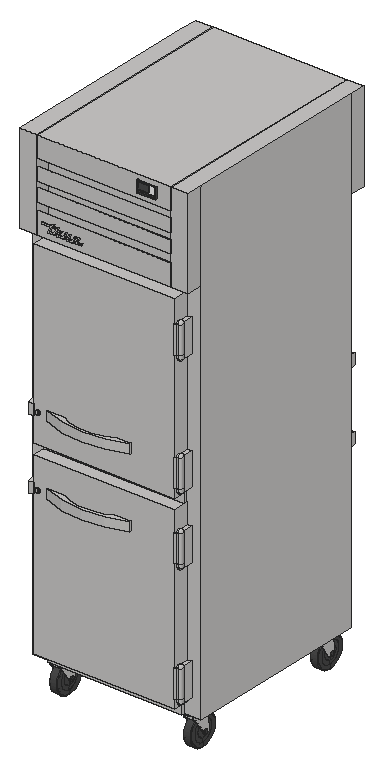
Revit family "QF_TRUE_STG1RPT-2HS-2HS-HC", category Specialty Equipment, Revit 2012
Parameters
  Weight in Pounds [instance] = 0
  Watts = Volts * FL Amps  # 437 W
  Volts = 115 V
  URL Manufacturer = "www.truemfg.com"
  URL Cutsheet = "www.truemfg.com"
  URL = "www.truemfg.com"
  Type Comments = "www.truemfg.com"
  Status [instance] = ""
  Specification by User [instance] = ""
  Specification by Manufacturer = ""
  Show Seismic Flanged [instance] = no
  Show Logo [instance] = yes
  Show Legs [instance] = no
  Show Clearance [instance] = yes
  Serial Number = ""
  Seismic Rating = ""
  Seismic Plate [instance] = and(Show Seismic Flanged, not(Show Casters))  # no
  SMACNA No = ""
  Revision Code [instance] = ""
  Phase = 1
  Omniclass Number and Title = ""
  Number of Poles [instance] = 1
  NAFEM Spec ID Number = ""
  Model = "STG1RPT-2HS-2HS-HC"
  Min Ckt Ampacity = 0 A
  Max Overcurrent Protection = 0 A
  Masterspec = ""
  Manufacturer = "TRUE FOOD SERVICE EQUIPMENT, INC."
  Length = 27 1/2"
  Legs [instance] = or(Show Legs, Show Seismic Flanged)  # no
  Item Number [instance] = ""
  Installed By [instance] = ""
  Identify Quantity as Lot [instance] = yes
  Height = 77 3/4"
  HP = "1/4"
  Furnished By [instance] = ""
  Foodservice Equipment Identifier [instance] = yes
  FL Amps = 3.8 A
  Electrical Remarks [instance] = ""
  Electric Connection Type [instance] = ""
  Elec Conn RI Height [instance] = 0"
  Elec Conn Connection Height [instance] = 0"
  Description = "PASS-THRU SOLID HALF FRONT/SOLID HALF REAR SWING DOORS REFRIGERATOR WITH HYDROCARBON REFRIGERANT WITH LED LIGHTING"
  Depth = 36 1/8"
  Cycle = 60 Hz
  Conn Plug = "5-15P"
  Conn Conduit = yes
  Show Casters [instance] = if(not(Show Legs), not(Show Seismic Flanged), not(Show Legs))  # yes
  CSI MasterFormat = ""
  CSI Master Format = ""
  Apparent Power = if(Phase = 3, Volts * FL Amps * 1.73, Volts * FL Amps)  # 437 VA
Reference planes (in)
  plane 1: z = 0
  plane 2 "LEFT": x = 0
  plane 3 "RIGHT": x = 27.5
  plane 4 "FRONT": y = -33.375
  plane 5 "TOP": z = 84.125
  plane 6: z = 6.125
  plane 7: y = -33.3292
  plane 8: y = 2.75
  plane 9: y = -56.40625
  plane 10: y = 25.78125
Forms (in)
  Extrusion 1, solid, material "QF_Finishes_Stainless Steel"
    sketch origin (0.05, 0, 0) x (1, 0, 0) y (0, 1, 0)
      loop
        line (-0.05, 0) -> (-0.05, -30.625) -> (2.80938, -30.625) -> (2.80938, 0) -> (-0.05, 0)
    from 6.125 to 84.125
  Extrusion 2, solid, material "QF_Finishes_Stainless Steel"
    sketch origin (50.15, 0, 0) x (1, 0, 0) y (0, 1, 0)
      loop
        line (-25.50937, 0) -> (-25.50937, -30.625) -> (-22.65, -30.625) -> (-22.65, 0) -> (-25.50937, 0)
    from 6.125 to 84.125
  Extrusion 3, solid, material "QF_Finishes_Stainless Steel"
    sketch origin (0, 0, 0) x (0, 1, 0) y (0, 0, 1)
      loop
        line (-33.1875, 69.5) -> (-30.625, 69.5) -> (-30.625, 64.75) -> (0, 64.75) -> (0, 69.5) -> (2.5625, 69.5) -> (2.5625, 73.02638) -> (0.59159, 71.625) -> (0.59159, 72.90057) -> (2.5625, 74.30195) -> (2.5625, 76.39816) -> (0.59159, 74.99678) -> (0.59159, 75.95754) -> (2.5625, 77.35892) -> (2.5625, 79.49263) -> (0.59159, 78.09125) -> (0.59159, 79.21352) -> (2.5625, 80.6149) -> (2.5625, 84.125) -> (-33.1875, 84.125) -> (-33.1875, 80.68002) -> (-31.125, 79.21352) -> (-31.125, 78.09125) -> (-33.1875, 79.55776) -> (-33.1875, 77.42405) -> (-31.125, 75.95754) -> (-31.125, 74.99678) -> (-33.1875, 76.46328) -> (-33.1875, 74.36708) -> (-31.125, 72.90057) -> (-31.125, 71.625) -> (-33.1875, 73.09151) -> (-33.1875, 69.5)
      loop
        line (-31, 6.125) -> (0, 6.125) -> (0, 8.94743) -> (-31, 8.94743) -> (-31, 6.125)
    from 2.85938 to 24.64063
  Extrusion 4, solid, material "QF_Finishes_Stainless Steel"
    sketch origin (0.10531, 0, 0) x (1, 0, 0) y (0, 1, 0)
      loop
        line (27.34782, -30.625) -> (24.53532, -30.625) -> (24.53532, -33.1875) -> (27.34782, -33.1875) -> (27.34782, -30.625)
    from 69.5 to 84.125
  Extrusion 5, solid, material "QF_Finishes_Stainless Steel"
    sketch origin (-50.19421, 0, 0.25) x (1, 0, 0) y (0, 1, 0)
      loop
        line (53.05359, -30.625) -> (50.24109, -30.625) -> (50.24109, -33.1875) -> (53.05359, -33.1875) -> (53.05359, -30.625)
    from 69.25 to 83.875
  Extrusion 6, solid, material "QF_Finishes_Stainless Steel", visible <- "Show Logo"
    sketch origin (0.33478, 1.45673, -6.73143) x (1, 0, 0) y (0, 0, 1)
      loop
        line (3.46044, 78.46231) -> (3.35478, 78.23573) -> (4.76027, 78.23573)
        arc (4.76027, 78.23573) -> (4.78879, 78.18528) -> (4.76027, 78.13484) r 0.05887
        line (4.76027, 78.13484) -> (4.39369, 77.34872)
        arc (4.39369, 77.34872) -> (4.39051, 77.27591) -> (4.43975, 77.22217) r 0.09523
        line (4.43975, 77.22217) -> (5.33844, 77.22217)
        arc (5.33844, 77.22217) -> (5.45192, 77.25795) -> (5.52436, 77.35235) r 0.19785
        line (5.52436, 77.35235) -> (5.81285, 77.97101) -> (6.0779, 77.97101)
        arc (6.0779, 77.97101) -> (6.14744, 77.94543) -> (6.13737, 77.87203) r 0.05911
        line (6.13737, 77.87203) -> (5.89598, 77.35437)
        arc (5.89598, 77.35437) -> (5.89974, 77.2684) -> (5.97231, 77.22217) r 0.09318
        line (5.97231, 77.22217) -> (6.76198, 77.22217)
        arc (6.76198, 77.22217) -> (6.82249, 77.24419) -> (6.85468, 77.29995) r 0.09412
        arc (6.85468, 77.29995) -> (6.87746, 77.24495) -> (6.93246, 77.22217) r 0.07778
        line (6.93246, 77.22217) -> (7.43246, 77.22217)
        arc (7.43246, 77.22217) -> (7.49022, 77.23765) -> (7.53251, 77.27993) r 0.11552
        arc (7.53251, 77.27993) -> (7.55275, 77.23106) -> (7.60162, 77.21081) r 0.06912
        line (7.60162, 77.21081) -> (8.31225, 77.21081)
        arc (8.31225, 77.21081) -> (8.37034, 77.23488) -> (8.39441, 77.29297) r 0.08216
        arc (8.39441, 77.29297) -> (8.44767, 77.23972) -> (8.52042, 77.22022) r 0.14551
        line (8.52042, 77.22022) -> (9.85158, 77.22022) -> (9.99946, 77.47634) -> (8.65678, 77.47634)
        arc (8.65678, 77.47634) -> (8.61972, 77.50204) -> (8.61834, 77.54711) r 0.05009
        line (8.61834, 77.54711) -> (8.64157, 77.59692)
        arc (8.64157, 77.59692) -> (8.67723, 77.64364) -> (8.73327, 77.66135) r 0.09747
        line (8.73327, 77.66135) -> (9.16485, 77.66135)
        arc (9.16485, 77.66135) -> (9.258, 77.68631) -> (9.32619, 77.7545) r 0.1863
        line (9.32619, 77.7545) -> (9.45119, 77.97101)
        arc (9.45119, 77.97101) -> (9.45119, 78.08657) -> (9.35111, 78.14434) r 0.11556
        line (9.35111, 78.14434) -> (8.89562, 78.14434)
        arc (8.89562, 78.14434) -> (8.7795, 78.12462) -> (8.69849, 78.03912) r 0.18605
        line (8.69849, 78.03912) -> (8.48204, 77.57493)
        arc (8.48204, 77.57493) -> (8.41815, 77.49167) -> (8.31806, 77.46011) r 0.1745
        line (8.31806, 77.46011) -> (7.84559, 77.46011)
        arc (7.84559, 77.46011) -> (7.78903, 77.52184) -> (7.79268, 77.60548) r 0.10939
        line (7.79268, 77.60548) -> (8.04395, 78.14434) -> (7.88403, 78.14434) -> (7.61781, 77.57344)
        arc (7.61781, 77.57344) -> (7.56609, 77.50603) -> (7.48505, 77.48048) r 0.14128
        line (7.48505, 77.48048) -> (7.15925, 77.48048)
        arc (7.15925, 77.48048) -> (7.10419, 77.55223) -> (7.116, 77.64189) r 0.11816
        line (7.116, 77.64189) -> (7.3503, 78.14434) -> (7.18514, 78.14434) -> (6.91546, 77.566)
        arc (6.91546, 77.566) -> (6.85285, 77.50339) -> (6.76733, 77.48048) r 0.17104
        line (6.76733, 77.48048) -> (6.29555, 77.48048)
        arc (6.29555, 77.48048) -> (6.21082, 77.51999) -> (6.20267, 77.61313) r 0.0935
        line (6.20267, 77.61313) -> (6.35774, 77.94569) -> (6.57695, 77.94569)
        arc (6.57695, 77.94569) -> (6.61395, 78.05717) -> (6.69267, 78.14434) r 0.2857
        line (6.69267, 78.14434) -> (5.83605, 78.14434)
        arc (5.83605, 78.14434) -> (5.74086, 78.12324) -> (5.67498, 78.05135) r 0.16212
        line (5.67498, 78.05135) -> (5.44279, 77.55341)
        arc (5.44279, 77.55341) -> (5.3894, 77.50002) -> (5.31647, 77.48048) r 0.14586
        line (5.31647, 77.48048) -> (4.80506, 77.48048)
        arc (4.80506, 77.48048) -> (4.76514, 77.53442) -> (4.77274, 77.60109) r 0.09155
        line (4.77274, 77.60109) -> (5.11018, 78.23573) -> (5.96155, 78.23573) -> (6.06721, 78.46231) -> (5.21584, 78.46231) -> (5.32149, 78.68888) -> (5.01862, 78.68888) -> (4.91297, 78.46231) -> (3.46044, 78.46231)
      loop
        arc (8.83805, 77.93863) -> (8.80119, 77.92875) -> (8.7742, 77.90176) r 0.07373
        line (8.7742, 77.90176) -> (8.75229, 77.83436)
        arc (8.75229, 77.83436) -> (8.76245, 77.80983) -> (8.78699, 77.79966) r 0.0347
        line (8.78699, 77.79966) -> (9.15948, 77.79966)
        arc (9.15948, 77.79966) -> (9.18632, 77.80561) -> (9.20812, 77.82234) r 0.0635
        line (9.20812, 77.82234) -> (9.22624, 77.90622)
        arc (9.22624, 77.90622) -> (9.22091, 77.92868) -> (9.20009, 77.93863) r 0.02676
        line (9.20009, 77.93863) -> (8.83805, 77.93863)
    from 34.64423 to 34.83173
  Extrusion 7, solid, material "QF_Finishes_Stainless Steel"
    sketch origin (-25.125, 2.6875, 0) x (1, 0, 0) y (0, 0, 1)
      loop
        circle (49.375, 82) r 0.25
    from 0.23221 to 0.125
  Revolve 8, solid, material "QF_Finishes_Black", visible <- "Show Casters"
    sketch origin (22.65625, -27.375, 0) x (1, 0, 0) y (0, 0, 1)
      loop
        line (1.475, 5) -> (1.375, 4.9) -> (1.375, 4.29941) -> (1.53601, 4.29941) -> (1.53601, 3.54941) -> (1.375, 3.54941) -> (1.375, 2.79941) -> (0.975, 2.79941) -> (0.975, 2.5) -> (3.025, 2.5) -> (3.025, 2.79941) -> (2.62908, 2.79941) -> (2.62908, 3.54941) -> (2.46399, 3.54941) -> (2.46399, 4.29941) -> (2.62908, 4.29941) -> (2.62908, 4.89592) -> (2.525, 5) -> (1.475, 5)
      axis (3.025, 2.5) -> (0.975, 2.5)
    angle from 0 to 360
  Extrusion 9, solid, material "QF_Finishes_Stainless Steel", visible <- "Show Casters"
    sketch origin (22.65625, 0, 0) x (0, 1, 0) y (0, 0, 1)
      loop
        line (-29.57636, 5.48574) -> (-29.57636, 4.88089) -> (-29.32636, 4.88089) -> (-27.57716, 2.18736)
        arc (-27.57716, 2.18736) -> (-26.86383, 1.94868) -> (-26.47081, 2.59003) r 0.60416
        line (-26.47081, 2.59003) -> (-26.82636, 5.48574) -> (-29.57636, 5.48574)
      loop
        line (-4.07645, 5.48574) -> (-4.07645, 4.88089) -> (-3.82645, 4.88089) -> (-2.07725, 2.18736)
        arc (-2.07725, 2.18736) -> (-1.36392, 1.94868) -> (-0.9709, 2.59003) r 0.60416
        line (-0.9709, 2.59003) -> (-1.32645, 5.48574) -> (-4.07645, 5.48574)
    from 1.175 to 1.325
  Extrusion 10, solid, material "QF_Finishes_Stainless Steel", visible <- "Show Casters"
    sketch origin (24.15625, 0, 0) x (0, 1, 0) y (0, 0, 1)
      loop
        line (-29.57636, 5.48574) -> (-29.57636, 4.88089) -> (-29.32636, 4.88089) -> (-27.57716, 2.18736)
        arc (-27.57716, 2.18736) -> (-26.86383, 1.94868) -> (-26.47081, 2.59003) r 0.60416
        line (-26.47081, 2.59003) -> (-26.82636, 5.48574) -> (-29.57636, 5.48574)
      loop
        line (-4.07645, 5.48574) -> (-4.07645, 4.88089) -> (-3.82645, 4.88089) -> (-2.07725, 2.18736)
        arc (-2.07725, 2.18736) -> (-1.36392, 1.94868) -> (-0.9709, 2.59003) r 0.60416
        line (-0.9709, 2.59003) -> (-1.32645, 5.48574) -> (-4.07645, 5.48574)
    from 1.175 to 1.325
  Revolve 11, solid, material "QF_Finishes_Stainless Steel", visible <- "Show Casters"
    sketch origin (22.65625, -28.5625, -0.5) x (1, 0, 0) y (0, 0, 1)
      loop
        line (2, 5.99546) -> (2, 6.62359) -> (0.70293, 6.62359) -> (0.70293, 5.99546) -> (2, 5.99546)
      axis (2, 5.99546) -> (2, 6.62359)
    angle from 0 to 360
  Revolve 12, solid, material "QF_Finishes_Stainless Steel", visible <- "Legs"
    sketch origin (22.65625, -2.69102, 0) x (1, 0, 0) y (0, 0, 1)
      loop
        line (2, 6.125) -> (0.66662, 6.125) -> (1.25, 1) -> (1.5, 1) -> (1.5, 0) -> (2, 0) -> (2, 6.125)
      axis (2, 0) -> (2, 6.125)
    angle from 0 to 360
  Revolve 13, solid, material "QF_Finishes_Stainless Steel", visible <- "Legs"
    sketch origin (22.65625, -28.65977, 0) x (1, 0, 0) y (0, 0, 1)
      loop
        line (2, 6.125) -> (0.66662, 6.125) -> (1.25, 1) -> (1.5, 1) -> (1.5, 0) -> (2, 0) -> (2, 6.125)
      axis (2, 0) -> (2, 6.125)
    angle from 0 to 360
  Revolve 14, solid, material "QF_Finishes_Stainless Steel", visible <- "Show Casters"
    sketch origin (22.65625, -2.70321, -0.5) x (1, 0, 0) y (0, 0, 1)
      loop
        line (2, 5.99546) -> (2, 6.62359) -> (0.70293, 6.62359) -> (0.70293, 5.99546) -> (2, 5.99546)
      axis (2, 5.99546) -> (2, 6.62359)
    angle from 0 to 360
  Extrusion 15, solid, material "QF_Finishes_Stainless Steel", visible <- "Show Casters"
    sketch origin (-25.125, 0, 0) x (0, 1, 0) y (0, 0, 1)
      loop
        line (-29.57636, 5.48574) -> (-29.57636, 4.88089) -> (-29.32636, 4.88089) -> (-26.79033, 5.19227) -> (-26.82636, 5.48574) -> (-29.57636, 5.48574)
      loop
        line (-4.07645, 5.48574) -> (-4.07645, 4.88089) -> (-3.82645, 4.88089) -> (-1.29042, 5.19227) -> (-1.32645, 5.48574) -> (-4.07645, 5.48574)
    from 49.10625 to 50.45625
  Revolve 16, solid, material "QF_Finishes_Black", visible <- "Show Casters"
    sketch origin (0.84375, -27.375, 0) x (1, 0, 0) y (0, 0, 1)
      loop
        line (1.475, 5) -> (1.375, 4.9) -> (1.375, 4.29941) -> (1.53601, 4.29941) -> (1.53601, 3.54941) -> (1.375, 3.54941) -> (1.375, 2.79941) -> (0.975, 2.79941) -> (0.975, 2.5) -> (3.025, 2.5) -> (3.025, 2.79941) -> (2.62908, 2.79941) -> (2.62908, 3.54941) -> (2.46399, 3.54941) -> (2.46399, 4.29941) -> (2.62908, 4.29941) -> (2.62908, 4.89592) -> (2.525, 5) -> (1.475, 5)
      axis (3.025, 2.5) -> (0.975, 2.5)
    angle from 0 to 360
  Extrusion 17, solid, material "QF_Finishes_Stainless Steel", visible <- "Show Casters"
    sketch origin (0.84375, 0, 0) x (0, 1, 0) y (0, 0, 1)
      loop
        line (-29.57636, 5.48574) -> (-29.57636, 4.88089) -> (-29.32636, 4.88089) -> (-27.57716, 2.18736)
        arc (-27.57716, 2.18736) -> (-26.86383, 1.94868) -> (-26.47081, 2.59003) r 0.60416
        line (-26.47081, 2.59003) -> (-26.82636, 5.48574) -> (-29.57636, 5.48574)
      loop
        line (-4.07645, 5.48574) -> (-4.07645, 4.88089) -> (-3.82645, 4.88089) -> (-2.07725, 2.18736)
        arc (-2.07725, 2.18736) -> (-1.36392, 1.94868) -> (-0.9709, 2.59003) r 0.60416
        line (-0.9709, 2.59003) -> (-1.32645, 5.48574) -> (-4.07645, 5.48574)
    from 1.175 to 1.325
  Extrusion 18, solid, material "QF_Finishes_Stainless Steel", visible <- "Show Casters"
    sketch origin (2.34375, 0, 0) x (0, 1, 0) y (0, 0, 1)
      loop
        line (-29.57636, 5.48574) -> (-29.57636, 4.88089) -> (-29.32636, 4.88089) -> (-27.57716, 2.18736)
        arc (-27.57716, 2.18736) -> (-26.86383, 1.94868) -> (-26.47081, 2.59003) r 0.60416
        line (-26.47081, 2.59003) -> (-26.82636, 5.48574) -> (-29.57636, 5.48574)
      loop
        line (-4.07645, 5.48574) -> (-4.07645, 4.88089) -> (-3.82645, 4.88089) -> (-2.07725, 2.18736)
        arc (-2.07725, 2.18736) -> (-1.36392, 1.94868) -> (-0.9709, 2.59003) r 0.60416
        line (-0.9709, 2.59003) -> (-1.32645, 5.48574) -> (-4.07645, 5.48574)
    from 1.175 to 1.325
  Revolve 19, solid, material "QF_Finishes_Stainless Steel", visible <- "Show Casters"
    sketch origin (0.84375, -28.5625, -0.5) x (1, 0, 0) y (0, 0, 1)
      loop
        line (2, 5.99546) -> (2, 6.62359) -> (0.70293, 6.62359) -> (0.70293, 5.99546) -> (2, 5.99546)
      axis (2, 5.99546) -> (2, 6.62359)
    angle from 0 to 360
  Revolve 20, solid, material "QF_Finishes_Stainless Steel", visible <- "Legs"
    sketch origin (0.84375, -2.69102, 0) x (1, 0, 0) y (0, 0, 1)
      loop
        line (2, 6.125) -> (0.66662, 6.125) -> (1.25, 1) -> (1.5, 1) -> (1.5, 0) -> (2, 0) -> (2, 6.125)
      axis (2, 0) -> (2, 6.125)
    angle from 0 to 360
  Revolve 21, solid, material "QF_Finishes_Stainless Steel", visible <- "Legs"
    sketch origin (0.84375, -28.65977, 0) x (1, 0, 0) y (0, 0, 1)
      loop
        line (2, 6.125) -> (0.66662, 6.125) -> (1.25, 1) -> (1.5, 1) -> (1.5, 0) -> (2, 0) -> (2, 6.125)
      axis (2, 0) -> (2, 6.125)
    angle from 0 to 360
  Revolve 22, solid, material "QF_Finishes_Stainless Steel", visible <- "Show Casters"
    sketch origin (0.84375, -2.70321, -0.5) x (1, 0, 0) y (0, 0, 1)
      loop
        line (2, 5.99546) -> (2, 6.62359) -> (0.70293, 6.62359) -> (0.70293, 5.99546) -> (2, 5.99546)
      axis (2, 5.99546) -> (2, 6.62359)
    angle from 0 to 360
  Extrusion 23, solid, material "QF_Finishes_Stainless Steel", visible <- "Show Casters"
    sketch origin (-46.9375, 0, 0) x (0, 1, 0) y (0, 0, 1)
      loop
        line (-29.57636, 5.48574) -> (-29.57636, 4.88089) -> (-29.32636, 4.88089) -> (-26.79033, 5.19227) -> (-26.82636, 5.48574) -> (-29.57636, 5.48574)
      loop
        line (-4.07645, 5.48574) -> (-4.07645, 4.88089) -> (-3.82645, 4.88089) -> (-1.29042, 5.19227) -> (-1.32645, 5.48574) -> (-4.07645, 5.48574)
    from 49.10625 to 50.45625
  Extrusion 24, solid, material "QF_Finishes_Stainless Steel"
    sketch origin (0.10531, -31.3292, 0) x (1, 0, 0) y (0, 1, 0)
      loop
        line (27.34782, 31.3292) -> (27.34782, 33.8917) -> (24.53532, 33.8917) -> (24.53532, 31.3292) -> (27.34782, 31.3292)
    from 69.5 to 84.125
  Extrusion 25, solid, material "QF_Finishes_Stainless Steel"
    sketch origin (-50.19421, -31.3292, 0.25) x (1, 0, 0) y (0, 1, 0)
      loop
        line (53.05359, 31.3292) -> (53.05359, 33.8917) -> (50.24109, 33.8917) -> (50.24109, 31.3292) -> (53.05359, 31.3292)
    from 69.25 to 83.875
  Extrusion 26, solid, material "QF_Finishes_Stainless Steel"
    sketch origin (1.28125, -31.48479, 0) x (0, -1, 0) y (0, 0, -1)
      loop
        line (-31.48479, -64.55229) -> (-31.48479, -59.23627) -> (-33.625, -59.23627) -> (-33.625, -59.94848) -> (-33.18997, -59.94848) -> (-33.18997, -64.34776)
        arc (-33.18997, -64.34776) -> (-33.13006, -64.49238) -> (-32.98544, -64.55229) r 0.20453
        line (-32.98544, -64.55229) -> (-31.48479, -64.55229)
    from 0.17506 to 1
  Revolve 27, solid, material "QF_Finishes_Stainless Steel"
    sketch origin (1.78125, -31.48479, 0) x (0, -1, 0) y (0, 0, -1)
      loop
        line (-33.64063, -60.00189) -> (-34.04729, -60.00189) -> (-34.04729, -64.4736)
        arc (-34.04729, -64.4736) -> (-33.91222, -64.72557) -> (-33.64063, -64.81483) r 0.3848
        line (-33.64063, -64.81483) -> (-33.64063, -60.00189)
      loop
        line (-33.64063, -59.94848) -> (-33.64063, -59.04781)
        arc (-33.64063, -59.04781) -> (-33.90764, -59.13383) -> (-34.04729, -59.37712) r 0.38884
        line (-34.04729, -59.37712) -> (-34.04729, -59.94848) -> (-33.64063, -59.94848)
      axis (-33.64063, -59.04781) -> (-33.64063, -64.81483)
    angle from 0 to 360
  Extrusion 28, solid, material "QF_Finishes_Stainless Steel"
    sketch origin (-0.03125, -31.48479, 0) x (1, 0, 0) y (0, 0, -1)
      loop
        line (1.91491, -64.4736) -> (2.3125, -64.4736) -> (2.3125, -60.00079) -> (1.91491, -60.00079) -> (1.91491, -64.4736)
    from 33.18997 to 33.98479
  Extrusion 29, solid, material "QF_Finishes_Stainless Steel"
    sketch origin (1.28125, -31.48479, -19.5) x (0, -1, 0) y (0, 0, -1)
      loop
        line (-31.48479, -64.55229) -> (-31.48479, -59.23627) -> (-33.625, -59.23627) -> (-33.625, -59.94848) -> (-33.18997, -59.94848) -> (-33.18997, -64.34776)
        arc (-33.18997, -64.34776) -> (-33.13006, -64.49238) -> (-32.98544, -64.55229) r 0.20453
        line (-32.98544, -64.55229) -> (-31.48479, -64.55229)
    from 0.17506 to 1
  Revolve 30, solid, material "QF_Finishes_Stainless Steel"
    sketch origin (1.78125, -31.48479, -19.5) x (0, -1, 0) y (0, 0, -1)
      loop
        line (-33.64063, -60.00189) -> (-34.04729, -60.00189) -> (-34.04729, -64.4736)
        arc (-34.04729, -64.4736) -> (-33.91222, -64.72557) -> (-33.64063, -64.81483) r 0.3848
        line (-33.64063, -64.81483) -> (-33.64063, -60.00189)
      loop
        line (-33.64063, -59.94848) -> (-33.64063, -59.04781)
        arc (-33.64063, -59.04781) -> (-33.90764, -59.13383) -> (-34.04729, -59.37712) r 0.38884
        line (-34.04729, -59.37712) -> (-34.04729, -59.94848) -> (-33.64063, -59.94848)
      axis (-33.64063, -59.04781) -> (-33.64063, -64.81483)
    angle from 0 to 360
  Extrusion 31, solid, material "QF_Finishes_Stainless Steel"
    sketch origin (-0.03125, -31.48479, -19.5) x (1, 0, 0) y (0, 0, -1)
      loop
        line (1.91491, -64.4736) -> (2.3125, -64.4736) -> (2.3125, -60.00079) -> (1.91491, -60.00079) -> (1.91491, -64.4736)
    from 33.18997 to 33.98479
  Extrusion 32, solid, material "QF_Finishes_Stainless Steel"
    sketch origin (1.28125, -31.48479, -30.5) x (0, -1, 0) y (0, 0, -1)
      loop
        line (-31.48479, -64.55229) -> (-31.48479, -59.23627) -> (-33.625, -59.23627) -> (-33.625, -59.94848) -> (-33.18997, -59.94848) -> (-33.18997, -64.34776)
        arc (-33.18997, -64.34776) -> (-33.13006, -64.49238) -> (-32.98544, -64.55229) r 0.20453
        line (-32.98544, -64.55229) -> (-31.48479, -64.55229)
    from 0.17506 to 1
  Revolve 33, solid, material "QF_Finishes_Stainless Steel"
    sketch origin (1.78125, -31.48479, -30.5) x (0, -1, 0) y (0, 0, -1)
      loop
        line (-33.64063, -60.00189) -> (-34.04729, -60.00189) -> (-34.04729, -64.4736)
        arc (-34.04729, -64.4736) -> (-33.91222, -64.72557) -> (-33.64063, -64.81483) r 0.3848
        line (-33.64063, -64.81483) -> (-33.64063, -60.00189)
      loop
        line (-33.64063, -59.94848) -> (-33.64063, -59.04781)
        arc (-33.64063, -59.04781) -> (-33.90764, -59.13383) -> (-34.04729, -59.37712) r 0.38884
        line (-34.04729, -59.37712) -> (-34.04729, -59.94848) -> (-33.64063, -59.94848)
      axis (-33.64063, -59.04781) -> (-33.64063, -64.81483)
    angle from 0 to 360
  Extrusion 34, solid, material "QF_Finishes_Stainless Steel"
    sketch origin (-0.03125, -31.48479, -30.5) x (1, 0, 0) y (0, 0, -1)
      loop
        line (1.91491, -64.4736) -> (2.3125, -64.4736) -> (2.3125, -60.00079) -> (1.91491, -60.00079) -> (1.91491, -64.4736)
    from 33.18997 to 33.98479
  Extrusion 35, solid, material "QF_Finishes_Stainless Steel"
    sketch origin (1.28125, -31.48479, -50.25) x (0, -1, 0) y (0, 0, -1)
      loop
        line (-31.48479, -64.55229) -> (-31.48479, -59.19743) -> (-33.625, -59.19743) -> (-33.625, -59.94848) -> (-33.18997, -59.94848) -> (-33.18997, -64.34776)
        arc (-33.18997, -64.34776) -> (-33.13006, -64.49238) -> (-32.98544, -64.55229) r 0.20453
        line (-32.98544, -64.55229) -> (-31.48479, -64.55229)
    from 0.17506 to 1
  Revolve 36, solid, material "QF_Finishes_Stainless Steel"
    sketch origin (1.78125, -31.48479, -50.25) x (0, -1, 0) y (0, 0, -1)
      loop
        line (-33.64063, -60.00189) -> (-34.04729, -60.00189) -> (-34.04729, -64.4736)
        arc (-34.04729, -64.4736) -> (-33.91222, -64.72557) -> (-33.64063, -64.81483) r 0.3848
        line (-33.64063, -64.81483) -> (-33.64063, -60.00189)
      loop
        line (-33.64063, -59.94848) -> (-33.64063, -59.04781)
        arc (-33.64063, -59.04781) -> (-33.90764, -59.13383) -> (-34.04729, -59.37712) r 0.38884
        line (-34.04729, -59.37712) -> (-34.04729, -59.94848) -> (-33.64063, -59.94848)
      axis (-33.64063, -59.04781) -> (-33.64063, -64.81483)
    angle from 0 to 360
  Extrusion 37, solid, material "QF_Finishes_Stainless Steel"
    sketch origin (-0.03125, -31.48479, -50.25) x (1, 0, 0) y (0, 0, -1)
      loop
        line (1.91491, -64.4736) -> (2.3125, -64.4736) -> (2.3125, -60.00079) -> (1.91491, -60.00079) -> (1.91491, -64.4736)
    from 33.18997 to 33.98479
  Extrusion 38, solid, material "QF_Finishes_Stainless Steel"
    sketch origin (-25.125, 0.375, -0.8125) x (1, 0, 0) y (0, 0, 1)
      loop
        line (27.40625, 68.78125) -> (27.40625, 39.65625) -> (50.34375, 39.65625) -> (50.34375, 68.78125) -> (27.40625, 68.78125)
      loop
        line (27.40625, 8.84375) -> (50.34375, 8.84375) -> (50.34375, 37.96875) -> (27.40625, 37.96875) -> (27.40625, 8.84375)
    from 31 to 33.5625
  Extrusion 39, solid, material "QF_Finishes_Stainless Steel"
    sketch origin (26.21875, 0.10979, -0.09375) x (0, 1, 0) y (0, 0, -1)
      loop
        line (-30.73479, -64.55229) -> (-30.73479, -59.23627) -> (-32.875, -59.23627) -> (-32.875, -59.94848) -> (-32.43997, -59.94848) -> (-32.43997, -64.34776)
        arc (-32.43997, -64.34776) -> (-32.38006, -64.49238) -> (-32.23544, -64.55229) r 0.20453
        line (-32.23544, -64.55229) -> (-30.73479, -64.55229)
    from 0.17506 to 1
  Revolve 40, solid, material "QF_Finishes_Stainless Steel"
    sketch origin (25.71875, 0.29729, -0.09375) x (0, 1, 0) y (0, 0, -1)
      loop
        line (-32.89063, -60.00189) -> (-33.29729, -60.00189) -> (-33.29729, -64.4736)
        arc (-33.29729, -64.4736) -> (-33.16222, -64.72557) -> (-32.89063, -64.81483) r 0.3848
        line (-32.89063, -64.81483) -> (-32.89063, -60.00189)
      loop
        line (-32.89063, -59.94848) -> (-32.89063, -59.04781)
        arc (-32.89063, -59.04781) -> (-33.15764, -59.13383) -> (-33.29729, -59.37712) r 0.38884
        line (-33.29729, -59.37712) -> (-33.29729, -59.94848) -> (-32.89063, -59.94848)
      axis (-32.89063, -59.04781) -> (-32.89063, -64.81483)
    angle from 0 to 360
  Extrusion 41, solid, material "QF_Finishes_Stainless Steel"
    sketch origin (27.53125, 0.29729, -0.09375) x (-1, 0, 0) y (0, 0, -1)
      loop
        line (1.91491, -64.4736) -> (2.3125, -64.4736) -> (2.3125, -60.00079) -> (1.91491, -60.00079) -> (1.91491, -64.4736)
    from 32.81497 to 33.59495
  Extrusion 42, solid, material "QF_Finishes_Stainless Steel"
    sketch origin (26.21875, 0.10979, -19.59375) x (0, 1, 0) y (0, 0, -1)
      loop
        line (-30.73479, -64.55229) -> (-30.73479, -59.23627) -> (-32.875, -59.23627) -> (-32.875, -59.94848) -> (-32.43997, -59.94848) -> (-32.43997, -64.34776)
        arc (-32.43997, -64.34776) -> (-32.38006, -64.49238) -> (-32.23544, -64.55229) r 0.20453
        line (-32.23544, -64.55229) -> (-30.73479, -64.55229)
    from 0.17506 to 1
  Revolve 43, solid, material "QF_Finishes_Stainless Steel"
    sketch origin (25.71875, 0.29729, -19.59375) x (0, 1, 0) y (0, 0, -1)
      loop
        line (-32.89063, -60.00189) -> (-33.29729, -60.00189) -> (-33.29729, -64.4736)
        arc (-33.29729, -64.4736) -> (-33.16222, -64.72557) -> (-32.89063, -64.81483) r 0.3848
        line (-32.89063, -64.81483) -> (-32.89063, -60.00189)
      loop
        line (-32.89063, -59.94848) -> (-32.89063, -59.04781)
        arc (-32.89063, -59.04781) -> (-33.15764, -59.13383) -> (-33.29729, -59.37712) r 0.38884
        line (-33.29729, -59.37712) -> (-33.29729, -59.94848) -> (-32.89063, -59.94848)
      axis (-32.89063, -59.04781) -> (-32.89063, -64.81483)
    angle from 0 to 360
  Extrusion 44, solid, material "QF_Finishes_Stainless Steel"
    sketch origin (27.53125, 0.29729, -19.59375) x (-1, 0, 0) y (0, 0, -1)
      loop
        line (1.91491, -64.4736) -> (2.3125, -64.4736) -> (2.3125, -60.00079) -> (1.91491, -60.00079) -> (1.91491, -64.4736)
    from 32.81497 to 33.59495
  Extrusion 45, solid, material "QF_Finishes_Stainless Steel"
    sketch origin (26.21875, 0.10979, -30.59375) x (0, 1, 0) y (0, 0, -1)
      loop
        line (-30.73479, -64.55229) -> (-30.73479, -59.23627) -> (-32.875, -59.23627) -> (-32.875, -59.94848) -> (-32.43997, -59.94848) -> (-32.43997, -64.34776)
        arc (-32.43997, -64.34776) -> (-32.38006, -64.49238) -> (-32.23544, -64.55229) r 0.20453
        line (-32.23544, -64.55229) -> (-30.73479, -64.55229)
    from 0.17506 to 1
  Revolve 46, solid, material "QF_Finishes_Stainless Steel"
    sketch origin (25.71875, 0.29729, -30.59375) x (0, 1, 0) y (0, 0, -1)
      loop
        line (-32.89063, -60.00189) -> (-33.29729, -60.00189) -> (-33.29729, -64.4736)
        arc (-33.29729, -64.4736) -> (-33.16222, -64.72557) -> (-32.89063, -64.81483) r 0.3848
        line (-32.89063, -64.81483) -> (-32.89063, -60.00189)
      loop
        line (-32.89063, -59.94848) -> (-32.89063, -59.04781)
        arc (-32.89063, -59.04781) -> (-33.15764, -59.13383) -> (-33.29729, -59.37712) r 0.38884
        line (-33.29729, -59.37712) -> (-33.29729, -59.94848) -> (-32.89063, -59.94848)
      axis (-32.89063, -59.04781) -> (-32.89063, -64.81483)
    angle from 0 to 360
  Extrusion 47, solid, material "QF_Finishes_Stainless Steel"
    sketch origin (27.53125, 0.29729, -30.59375) x (-1, 0, 0) y (0, 0, -1)
      loop
        line (1.91491, -64.4736) -> (2.3125, -64.4736) -> (2.3125, -60.00079) -> (1.91491, -60.00079) -> (1.91491, -64.4736)
    from 32.81497 to 33.59495
  Extrusion 48, solid, material "QF_Finishes_Stainless Steel"
    sketch origin (26.21875, 0.10979, -50.34375) x (0, 1, 0) y (0, 0, -1)
      loop
        line (-30.73479, -64.55229) -> (-30.73479, -59.23627) -> (-32.875, -59.23627) -> (-32.875, -59.94848) -> (-32.43997, -59.94848) -> (-32.43997, -64.34776)
        arc (-32.43997, -64.34776) -> (-32.38006, -64.49238) -> (-32.23544, -64.55229) r 0.20453
        line (-32.23544, -64.55229) -> (-30.73479, -64.55229)
    from 0.17506 to 1
  Revolve 49, solid, material "QF_Finishes_Stainless Steel"
    sketch origin (25.71875, 0.29729, -50.34375) x (0, 1, 0) y (0, 0, -1)
      loop
        line (-32.89063, -60.00189) -> (-33.29729, -60.00189) -> (-33.29729, -64.4736)
        arc (-33.29729, -64.4736) -> (-33.16222, -64.72557) -> (-32.89063, -64.81483) r 0.3848
        line (-32.89063, -64.81483) -> (-32.89063, -60.00189)
      loop
        line (-32.89063, -59.94848) -> (-32.89063, -59.04781)
        arc (-32.89063, -59.04781) -> (-33.15764, -59.13383) -> (-33.29729, -59.37712) r 0.38884
        line (-33.29729, -59.37712) -> (-33.29729, -59.94848) -> (-32.89063, -59.94848)
      axis (-32.89063, -59.04781) -> (-32.89063, -64.81483)
    angle from 0 to 360
  Extrusion 50, solid, material "QF_Finishes_Stainless Steel"
    sketch origin (27.53125, 0.29729, -50.34375) x (-1, 0, 0) y (0, 0, -1)
      loop
        line (1.91491, -64.4736) -> (2.3125, -64.4736) -> (2.3125, -60.00079) -> (1.91491, -60.00079) -> (1.91491, -64.4736)
    from 32.81497 to 33.59495
  Extrusion 51, solid, material "QF_Finishes_Stainless Steel"
    sketch origin (-23.34375, 0.29729, 72.375) x (1, 0, 0) y (0, 0, 1)
      loop
        circle (26.4375, -40.0625) r 0.35
      loop
        line (26.47265, -40.33635) -> (26.47265, -39.76895) -> (26.41715, -39.76895) -> (26.41715, -40.33635) -> (26.47265, -40.33635)
    from 33.67229 to 33.73479
  Blend 52, solid, material "QF_Finishes_Stainless Steel"
    base sketch origin (27.53125, 0.48479, 70.375) x (-1, 0, 0) y (0, 0, -1)
      loop
        line (25.25, 38.99169) -> (25.25, 37.24169) -> (26, 37.24169) -> (26, 38.99169) -> (25.25, 38.99169)
    top sketch origin (27.53125, 0.48479, 70.375) x (-1, 0, 0) y (0, 0, -1)
      loop
        line (26.18223, 36.6441) -> (26.18223, 39.42643) -> (25.25, 39.42643) -> (25.25, 36.6441) -> (26.18223, 36.6441)
    from 33.67229 to 31.10979
  Extrusion 53, solid, material "QF_Finishes_Stainless Steel"
    sketch origin (58.4375, -0.0747, 20.68519) x (1, 0, 0) y (0, 1, 0)
      loop
        line (-53.875, -33.1128) -> (-53.875, -33.325)
        arc (-53.875, -33.325) -> (-47.075, -34.76905) -> (-40.275, -33.325) r 16.7325
        line (-40.275, -33.325) -> (-40.275, -33.1128) -> (-42.65351, -33.1128)
        arc (-42.65351, -33.1128) -> (-47.075, -34.28316) -> (-51.49649, -33.1128) r 8.93715
        line (-51.49649, -33.1128) -> (-53.875, -33.1128)
    from 10.87731 to 12.37731
  Extrusion 54, solid, material "QF_Finishes_Stainless Steel"
    sketch origin (0, 0.1875, -0.46875) x (1, 0, 0) y (0, 0, 1)
      loop
        line (2.28125, 39.3125) -> (2.28125, 37.625) -> (25.21875, 37.625) -> (25.21875, 39.3125) -> (2.28125, 39.3125)
    from 31 to 31.25
  Extrusion 55, solid, material "QF_Finishes_White"
    sketch origin (-23.16691, 1.43876, 1.58022) x (1, 0, 0) y (0, 0, 1)
      loop
        line (42.50482, 81.73227) -> (42.50482, 79.98496) -> (45.41107, 79.98496) -> (45.41107, 81.73227) -> (42.50482, 81.73227)
    from 34.62626 to 34.72001
  Extrusion 56, solid, material "QF_Finishes_Black"
    sketch origin (-23.16691, 1.43876, 1.58022) x (1, 0, 0) y (0, 0, 1)
      loop
        line (45.47357, 81.79477) -> (42.44232, 81.79477) -> (42.44232, 79.92246) -> (45.47357, 79.92246) -> (45.47357, 81.79477)
      loop
        spline (42.64232, 80.25372) -> (42.65083, 80.23754) -> (42.67581, 80.22247) -> (42.71554, 80.20952) -> (42.76732, 80.19959) -> (42.82761, 80.19335) -> (42.89232, 80.19122) -> (42.95702, 80.19335) -> (43.01732, 80.19959) -> (43.06909, 80.20952) -> (43.10882, 80.22247) -> (43.1338, 80.23754) -> (43.14232, 80.25372)
        spline (43.14232, 80.25372) -> (43.1338, 80.26989) -> (43.10882, 80.28497) -> (43.06909, 80.29791) -> (43.01732, 80.30784) -> (42.95702, 80.31409) -> (42.89232, 80.31622) -> (42.82761, 80.31409) -> (42.76732, 80.30784) -> (42.71554, 80.29791) -> (42.67581, 80.28497) -> (42.65083, 80.26989) -> (42.64232, 80.25372)
      loop
        spline (43.33833, 80.25372) -> (43.34685, 80.23754) -> (43.37182, 80.22247) -> (43.41155, 80.20952) -> (43.46333, 80.19959) -> (43.52362, 80.19335) -> (43.58833, 80.19122) -> (43.65303, 80.19335) -> (43.71333, 80.19959) -> (43.76511, 80.20952) -> (43.80484, 80.22247) -> (43.82981, 80.23754) -> (43.83833, 80.25372)
        spline (43.83833, 80.25372) -> (43.82981, 80.26989) -> (43.80484, 80.28497) -> (43.76511, 80.29791) -> (43.71333, 80.30784) -> (43.65303, 80.31409) -> (43.58833, 80.31622) -> (43.52362, 80.31409) -> (43.46333, 80.30784) -> (43.41155, 80.29791) -> (43.37182, 80.28497) -> (43.34685, 80.26989) -> (43.33833, 80.25372)
      loop
        spline (44.08833, 80.25372) -> (44.09685, 80.23754) -> (44.12182, 80.22247) -> (44.16155, 80.20952) -> (44.21333, 80.19959) -> (44.27362, 80.19335) -> (44.33833, 80.19122) -> (44.40303, 80.19335) -> (44.46333, 80.19959) -> (44.51511, 80.20952) -> (44.55484, 80.22247) -> (44.57981, 80.23754) -> (44.58833, 80.25372)
        spline (44.58833, 80.25372) -> (44.57981, 80.26989) -> (44.55484, 80.28497) -> (44.51511, 80.29791) -> (44.46333, 80.30784) -> (44.40303, 80.31409) -> (44.33833, 80.31622) -> (44.27362, 80.31409) -> (44.21333, 80.30784) -> (44.16155, 80.29791) -> (44.12182, 80.28497) -> (44.09685, 80.26989) -> (44.08833, 80.25372)
      loop
        line (42.64231, 81.59478) -> (42.64231, 80.59478) -> (44.34183, 80.59478) -> (44.34183, 81.59478) -> (42.64231, 81.59478)
      loop
        line (45.41107, 81.73227) -> (42.50482, 81.73227) -> (42.50482, 79.98496) -> (45.41107, 79.98496) -> (45.41107, 81.73227)
      loop
        spline (44.83833, 80.25372) -> (44.84685, 80.23754) -> (44.87182, 80.22247) -> (44.91155, 80.20952) -> (44.96333, 80.19959) -> (45.02362, 80.19335) -> (45.08833, 80.19122) -> (45.15303, 80.19335) -> (45.21333, 80.19959) -> (45.26511, 80.20952) -> (45.30484, 80.22247) -> (45.32981, 80.23754) -> (45.33833, 80.25372)
        spline (45.33833, 80.25372) -> (45.32981, 80.26989) -> (45.30484, 80.28497) -> (45.26511, 80.29791) -> (45.21333, 80.30784) -> (45.15303, 80.31409) -> (45.08833, 80.31622) -> (45.02362, 80.31409) -> (44.96333, 80.30784) -> (44.91155, 80.29791) -> (44.87182, 80.28497) -> (44.84685, 80.26989) -> (44.83833, 80.25372)
    from 34.62626 to 34.81376
  Extrusion 57, solid, material "QF_Finishes_Stainless Steel"
    sketch origin (-23.34375, 0.29729, 3.625) x (1, 0, 0) y (0, 0, 1)
      loop
        circle (26.4375, 40.0625) r 0.35
      loop
        line (26.47265, 40.33635) -> (26.41715, 40.33635) -> (26.41715, 39.76895) -> (26.47265, 39.76895) -> (26.47265, 40.33635)
    from 33.67229 to 33.73479
  Blend 58, solid, material "QF_Finishes_Stainless Steel"
    base sketch origin (27.53125, 0.48479, 5.625) x (-1, 0, 0) y (0, 0, -1)
      loop
        line (25.25, -38.99169) -> (26, -38.99169) -> (26, -37.24169) -> (25.25, -37.24169) -> (25.25, -38.99169)
    top sketch origin (27.53125, 0.48479, 5.625) x (-1, 0, 0) y (0, 0, -1)
      loop
        line (26.18223, -36.6441) -> (25.25, -36.6441) -> (25.25, -39.42643) -> (26.18223, -39.42643) -> (26.18223, -36.6441)
    from 33.67229 to 31.10979
  Extrusion 59, solid, material "QF_Finishes_Stainless Steel"
    sketch origin (58.4375, -0.0747, 32.06019) x (1, 0, 0) y (0, 1, 0)
      loop
        line (-53.875, -33.1128) -> (-53.875, -33.325)
        arc (-53.875, -33.325) -> (-47.075, -34.76905) -> (-40.275, -33.325) r 16.7325
        line (-40.275, -33.325) -> (-40.275, -33.1128) -> (-42.65351, -33.1128)
        arc (-42.65351, -33.1128) -> (-47.075, -34.28316) -> (-51.49649, -33.1128) r 8.93715
        line (-51.49649, -33.1128) -> (-53.875, -33.1128)
    from 10.87731 to 12.37731
  Revolve 60, solid, material "QF_Finishes_Black", visible <- "Show Casters"
    sketch origin (22.65625, -1.50009, 0) x (1, 0, 0) y (0, 0, 1)
      loop
        line (1.475, 5) -> (1.375, 4.9) -> (1.375, 4.29941) -> (1.53601, 4.29941) -> (1.53601, 3.54941) -> (1.375, 3.54941) -> (1.375, 2.79941) -> (0.975, 2.79941) -> (0.975, 2.5) -> (3.025, 2.5) -> (3.025, 2.79941) -> (2.62908, 2.79941) -> (2.62908, 3.54941) -> (2.46399, 3.54941) -> (2.46399, 4.29941) -> (2.62908, 4.29941) -> (2.62908, 4.89592) -> (2.525, 5) -> (1.475, 5)
      axis (3.025, 2.5) -> (0.975, 2.5)
    angle from 0 to 360
  Revolve 61, solid, material "QF_Finishes_Black", visible <- "Show Casters"
    sketch origin (0.84375, -1.50009, 0) x (1, 0, 0) y (0, 0, 1)
      loop
        line (1.475, 5) -> (1.375, 4.9) -> (1.375, 4.29941) -> (1.53601, 4.29941) -> (1.53601, 3.54941) -> (1.375, 3.54941) -> (1.375, 2.79941) -> (0.975, 2.79941) -> (0.975, 2.5) -> (3.025, 2.5) -> (3.025, 2.79941) -> (2.62908, 2.79941) -> (2.62908, 3.54941) -> (2.46399, 3.54941) -> (2.46399, 4.29941) -> (2.62908, 4.29941) -> (2.62908, 4.89592) -> (2.525, 5) -> (1.475, 5)
      axis (3.025, 2.5) -> (0.975, 2.5)
    angle from 0 to 360
  Extrusion 62, solid, material "QF_Door-Drawer Clearances", visible <- "Show Clearance", detail levels coarse
    sketch origin (-24.30341, -3.4223, 0) x (-1, 0, 0) y (0, -1, 0)
      loop
        line (-49.52216, 29.7652) -> (-26.58466, 29.7652)
        arc (-26.58466, 29.7652) -> (-33.31626, 46.05434) -> (-49.52216, 52.98395) r 23.32602
        line (-49.52216, 52.98395) -> (-49.52216, 29.7652)
    from 38.84375 to 67.96875
  Extrusion 63, solid, material "QF_Door-Drawer Clearances", visible <- "Show Clearance", detail levels coarse
    sketch origin (-24.30341, -3.4223, -30.8125) x (-1, 0, 0) y (0, -1, 0)
      loop
        line (-49.52216, 29.7652) -> (-26.58466, 29.7652)
        arc (-26.58466, 29.7652) -> (-33.31626, 46.05434) -> (-49.52216, 52.98395) r 23.32602
        line (-49.52216, 52.98395) -> (-49.52216, 29.7652)
    from 38.84375 to 67.96875
  Extrusion 64, solid, material "QF_Finishes_Stainless Steel"
    sketch origin (52.625, -31, -0.8125) x (-1, 0, 0) y (0, 0, 1)
      loop
        line (27.40625, 68.78125) -> (27.40625, 39.65625) -> (50.34375, 39.65625) -> (50.34375, 68.78125) -> (27.40625, 68.78125)
      loop
        line (27.40625, 8.84375) -> (50.34375, 8.84375) -> (50.34375, 37.96875) -> (27.40625, 37.96875) -> (27.40625, 8.84375)
    from 31 to 33.5625
  Extrusion 65, solid, material "QF_Finishes_Stainless Steel"
    sketch origin (50.84375, -30.92229, 72.375) x (-1, 0, 0) y (0, 0, 1)
      loop
        circle (26.4375, -40.0625) r 0.35
      loop
        line (26.47265, -40.33635) -> (26.47265, -39.76895) -> (26.41715, -39.76895) -> (26.41715, -40.33635) -> (26.47265, -40.33635)
    from 33.67229 to 33.73479
  Blend 66, solid, material "QF_Finishes_Stainless Steel"
    base sketch origin (-0.03125, -31.10979, 70.375) x (1, 0, 0) y (0, 0, -1)
      loop
        line (25.25, 38.99169) -> (25.25, 37.24169) -> (26, 37.24169) -> (26, 38.99169) -> (25.25, 38.99169)
    top sketch origin (-0.03125, -31.10979, 70.375) x (1, 0, 0) y (0, 0, -1)
      loop
        line (26.18223, 36.6441) -> (26.18223, 39.42643) -> (25.25, 39.42643) -> (25.25, 36.6441) -> (26.18223, 36.6441)
    from 33.67229 to 31.10979
  Extrusion 67, solid, material "QF_Finishes_Stainless Steel"
    sketch origin (-30.9375, -30.5503, 20.68519) x (-1, 0, 0) y (0, -1, 0)
      loop
        line (-53.875, -33.1128) -> (-53.875, -33.325)
        arc (-53.875, -33.325) -> (-47.075, -34.76905) -> (-40.275, -33.325) r 16.7325
        line (-40.275, -33.325) -> (-40.275, -33.1128) -> (-42.65351, -33.1128)
        arc (-42.65351, -33.1128) -> (-47.075, -34.28316) -> (-51.49649, -33.1128) r 8.93715
        line (-51.49649, -33.1128) -> (-53.875, -33.1128)
    from 10.87731 to 12.37731
  Extrusion 68, solid, material "QF_Finishes_Stainless Steel"
    sketch origin (27.5, -30.8125, -0.46875) x (-1, 0, 0) y (0, 0, 1)
      loop
        line (2.28125, 39.3125) -> (2.28125, 37.625) -> (25.21875, 37.625) -> (25.21875, 39.3125) -> (2.28125, 39.3125)
    from 31 to 31.25
  Extrusion 69, solid, material "QF_Finishes_Stainless Steel"
    sketch origin (50.84375, -30.92229, 3.625) x (-1, 0, 0) y (0, 0, 1)
      loop
        circle (26.4375, 40.0625) r 0.35
      loop
        line (26.47265, 40.33635) -> (26.41715, 40.33635) -> (26.41715, 39.76895) -> (26.47265, 39.76895) -> (26.47265, 40.33635)
    from 33.67229 to 33.73479
  Blend 70, solid, material "QF_Finishes_Stainless Steel"
    base sketch origin (-0.03125, -31.10979, 5.625) x (1, 0, 0) y (0, 0, -1)
      loop
        line (25.25, -38.99169) -> (26, -38.99169) -> (26, -37.24169) -> (25.25, -37.24169) -> (25.25, -38.99169)
    top sketch origin (-0.03125, -31.10979, 5.625) x (1, 0, 0) y (0, 0, -1)
      loop
        line (26.18223, -36.6441) -> (25.25, -36.6441) -> (25.25, -39.42643) -> (26.18223, -39.42643) -> (26.18223, -36.6441)
    from 33.67229 to 31.10979
  Extrusion 71, solid, material "QF_Finishes_Stainless Steel"
    sketch origin (-30.9375, -30.5503, 32.06019) x (-1, 0, 0) y (0, -1, 0)
      loop
        line (-53.875, -33.1128) -> (-53.875, -33.325)
        arc (-53.875, -33.325) -> (-47.075, -34.76905) -> (-40.275, -33.325) r 16.7325
        line (-40.275, -33.325) -> (-40.275, -33.1128) -> (-42.65351, -33.1128)
        arc (-42.65351, -33.1128) -> (-47.075, -34.28316) -> (-51.49649, -33.1128) r 8.93715
        line (-51.49649, -33.1128) -> (-53.875, -33.1128)
    from 10.87731 to 12.37731
  Extrusion 72, solid, material "QF_Door-Drawer Clearances", visible <- "Show Clearance", detail levels coarse
    sketch origin (51.80341, -27.2027, 0) x (1, 0, 0) y (0, 1, 0)
      loop
        line (-49.52216, 29.7652) -> (-26.58466, 29.7652)
        arc (-26.58466, 29.7652) -> (-33.31626, 46.05434) -> (-49.52216, 52.98395) r 23.32602
        line (-49.52216, 52.98395) -> (-49.52216, 29.7652)
    from 38.84375 to 67.96875
  Extrusion 73, solid, material "QF_Door-Drawer Clearances", visible <- "Show Clearance", detail levels coarse
    sketch origin (51.80341, -27.2027, -30.8125) x (1, 0, 0) y (0, 1, 0)
      loop
        line (-49.52216, 29.7652) -> (-26.58466, 29.7652)
        arc (-26.58466, 29.7652) -> (-33.31626, 46.05434) -> (-49.52216, 52.98395) r 23.32602
        line (-49.52216, 52.98395) -> (-49.52216, 29.7652)
    from 38.84375 to 67.96875
  Extrusion 74, solid, material "QF_Finishes_Stainless Steel", visible <- "Seismic Plate"
    sketch origin (33.06916, -27.11613, 0) x (-1, 0, 0) y (0, -1, 0)
      loop
        circle (30.22541, -24.4251) r 1.5
    from 0 to 0.3125
  Extrusion 75, solid, material "QF_Finishes_Stainless Steel", visible <- "Seismic Plate"
    sketch origin (33.06916, -53.08488, 0) x (-1, 0, 0) y (0, -1, 0)
      loop
        circle (30.22541, -24.4251) r 1.5
    from 0 to 0.3125
  Extrusion 76, solid, material "QF_Finishes_Stainless Steel", visible <- "Seismic Plate"
    sketch origin (54.88166, -27.11613, 0) x (-1, 0, 0) y (0, -1, 0)
      loop
        circle (30.22541, -24.4251) r 1.5
    from 0 to 0.3125
  Extrusion 77, solid, material "QF_Finishes_Stainless Steel", visible <- "Seismic Plate"
    sketch origin (54.88166, -53.08488, 0) x (-1, 0, 0) y (0, -1, 0)
      loop
        circle (30.22541, -24.4251) r 1.5
    from 0 to 0.3125
Cuts and joins
  joined: Extrusion 1, Extrusion 2, Extrusion 4, Extrusion 5, Extrusion 24, Extrusion 25
Lines and regions (in)
  symbolic lines
    curve 1: line (0, 0, 0) -> (27.5, 0, 0)
    curve 2: line (0, -33.1875, 0) -> (0, 2.5625, 0)
    curve 3: line (27.5, -33.1875, 0) -> (0, -33.1875, 0)
    curve 4: line (27.5, 2.5625, 0) -> (27.5, -33.1875, 0)
    curve 5: line (27.5, -30.625, 0) -> (0, -30.625, 0)
    curve 22: line (0, 2.5625, 0) -> (27.5, 2.5625, 0)
    curve 23: line (3.68957, -33.1875, 0) -> (3.68957, -33.375, 0)
    curve 24: line (3.68957, -33.375, 0) -> (10.33424, -33.375, 0)
    curve 25: line (10.33424, -33.375, 0) -> (10.33424, -33.1875, 0)
    curve 26: line (19.2754, -33.1875, 0) -> (19.2754, -33.375, 0)
    curve 27: line (19.2754, -33.375, 0) -> (22.30665, -33.375, 0)
    curve 28: line (22.30665, -33.375, 0) -> (22.30665, -33.1875, 0)
    curve 29: arc (18.1625, -33.3997, 0) -> (11.33224, -34.84372, 0) -> (4.50725, -33.375, 0) r 16.7325
    curve 30: arc (15.78399, -33.1875, 0) -> (11.59664, -34.35576, 0) -> (7.36146, -33.375, 0) r 8.79189
    curve 31: line (18.1625, -33.3997, 0) -> (18.1625, -33.1875, 0)
    curve 32: line (23.81043, 2.5625, 0) -> (23.81043, 2.75, 0)
    curve 33: line (23.81043, 2.75, 0) -> (17.16576, 2.75, 0)
    curve 34: line (17.16576, 2.75, 0) -> (17.16576, 2.5625, 0)
    curve 39: arc (23.05641, 2.75, 0) -> (16.09329, 4.21872, 0) -> (9.125, 2.77467, 0) r 17.38623
    curve 40: line (9.125, 2.77467, 0) -> (9.125, 2.5625, 0)
    curve 41: arc (11.5035, 2.5625, 0) -> (15.86515, 3.76435, 0) -> (20.27417, 2.75, 0) r 9.2337
  symbolic lines, style "SpecialityEquipmentHiddenLines", visible <- "Show Casters"
    curve 6: line (3.70097, -24.2623, 0) -> (4.78688, -24.88925, 0)
    curve 7: line (1.20097, -28.59243, 0) -> (3.70097, -24.2623, 0)
    curve 8: line (2.28688, -29.21938, 0) -> (1.20097, -28.59243, 0)
    curve 9: line (4.78688, -24.88925, 0) -> (2.28688, -29.21938, 0)
    curve 10: line (3.70097, -0.2623, 0) -> (4.78688, -0.88926, 0)
    curve 11: line (1.20097, -4.59243, 0) -> (3.70097, -0.2623, 0)
    curve 12: line (2.28688, -5.21938, 0) -> (1.20097, -4.59243, 0)
    curve 13: line (4.78688, -0.88926, 0) -> (2.28688, -5.21938, 0)
    curve 14: line (24.60843, -0.2623, 0) -> (25.69435, -0.88926, 0)
    curve 15: line (22.10843, -4.59243, 0) -> (24.60843, -0.2623, 0)
    curve 16: line (23.19435, -5.21938, 0) -> (22.10843, -4.59243, 0)
    curve 17: line (25.69435, -0.88926, 0) -> (23.19435, -5.21938, 0)
    curve 18: line (24.82156, -24.48943, 0) -> (25.90747, -25.11638, 0)
    curve 19: line (22.32156, -28.81955, 0) -> (24.82156, -24.48943, 0)
    curve 20: line (23.40747, -29.44651, 0) -> (22.32156, -28.81955, 0)
    curve 21: line (25.90747, -25.11638, 0) -> (23.40747, -29.44651, 0)
  symbolic lines, style "QF_Door-Drawer Clearances"
    curve 35: line (25.21875, -33.1875, 0) -> (5.35429, -44.65625, 0)
    curve 36: arc (5.35429, -44.65625, 0) -> (3.06283, -39.12416, 0) -> (2.28125, -33.1875, 0) r 22.9375
    curve 37: line (2.28125, 2.5625, 0) -> (22.14571, 14.03125, 0)
    curve 38: arc (22.14571, 14.03125, 0) -> (24.43717, 8.49916, 0) -> (25.21875, 2.5625, 0) r 22.9375
Dimensions and locks (in)
  plane 6 to level = 6 1/8"
  plane 5 "TOP" to level = 84 1/8"
  plane 5 "TOP" to plane 6 = 78"
  "Length": plane 2 "LEFT" to plane 3 "RIGHT"
  "Depth": plane 4 "FRONT" to plane 8
  plane 3 "RIGHT" to plane 2 "LEFT" = 27 1/2"
  cut or joined group of Extrusion 1, Extrusion 2, Extrusion 4, Extrusion 5, Extrusion 24, Extrusion 25 to cut or joined group of Extrusion 1, Extrusion 2, Extrusion 4, Extrusion 5, Extrusion 24, Extrusion 25 = 2 13/16"  (x2)
  Extrusion 38 to plane 2 "LEFT" = 2 9/32"
  plane 3 "RIGHT" to Extrusion 38 = 2 9/32"
  Extrusion 38 to plane 6 = 1 29/32"
  Extrusion 3 to Extrusion 38 to Extrusion 38 to Extrusion 38 to Extrusion 38 = 1 17/32", 29 1/8", 1 11/16", 29 1/8"
  Extrusion 38 to Extrusion 38 = 22 15/16"
  cut or joined group of Extrusion 1, Extrusion 2, Extrusion 4, Extrusion 5, Extrusion 24, Extrusion 25 to cut or joined group of Extrusion 1, Extrusion 2, Extrusion 4, Extrusion 5, Extrusion 24, Extrusion 25 = 27 13/32"
  Extrusion 38 to Extrusion 53 = 4 3/32"
  Extrusion 59 to Extrusion 38 = 4 3/32"
  plane 4 "FRONT" to plane 8 = 36 1/8"  (x2)
  cut or joined group of Extrusion 1, Extrusion 2, Extrusion 4, Extrusion 5, Extrusion 24, Extrusion 25 to cut or joined group of Extrusion 1, Extrusion 2, Extrusion 4, Extrusion 5, Extrusion 24, Extrusion 25 = 30 5/8"  (x2)
  Extrusion 59 to Extrusion 55 to plane 4 "FRONT" = 3/32", 3/32"
  plane 8 to plane 4 "FRONT" = 36 1/8"
  plane 9 to plane 4 "FRONT" = 23 1/32"
  plane 10 to plane 9 = 82 3/16"
  plane 10 to plane 8 = 23 1/32"
  aligned and locked: level to plane 1
  aligned and locked: Extrusion 3 to cut or joined group of Extrusion 1, Extrusion 2, Extrusion 4, Extrusion 5, Extrusion 24, Extrusion 25
Automatic sketch dimensions
  curve 1 to plane 2 "LEFT" = 0"
  plane 4 "FRONT" to curve 24 = 0"
  plane 8 to curve 34 = 0"
  plane 4 "FRONT" to curve 26 = 0"
  curve 5 to plane 3 "RIGHT" = 0"
  plane 2 "LEFT" to curve 12 = 1.20097"
  plane 2 "LEFT" to curve 7 = 1.20097"
  plane 8 to curve 38 = 3/16"
  plane 2 "LEFT" to curve 38 = 2 9/32"
  curve 36 to plane 4 "FRONT" = 3/16"
  plane 2 "LEFT" to curve 36 = 2 9/32"
  curve 37 to curve 38 = 0"
  curve 7 to curve 8 = 1.08591"
  curve 11 to curve 13 = 1.08591"
  curve 36 to curve 24 = 1.40832"
  curve 37 to curve 11 = 1.41972"
  plane 2 "LEFT" to curve 6 = 3.70097"
  curve 23 to curve 29 = 0.81768"
  plane 2 "LEFT" to curve 35 = 5.35429"
  curve 29 to curve 30 = 2.85421"
  curve 40 to plane 8 = 0.02467"
  curve 10 to curve 40 = 4.33812"
  curve 30 to curve 25 = 2.97278"
  curve 6 to curve 29 = 6.57561"
  curve 6 to curve 30 = 6.61409"
  curve 40 to curve 41 = 2.3785"
  curve 25 to curve 30 = 5.44975"
  curve 41 to curve 41 = 4.559"
  curve 29 to curve 39 = 4.7"
  curve 41 to curve 34 = 5.66226"
  plane 4 "FRONT" to curve 31 = 0.0247"
  curve 30 to curve 31 = 2.37851"
  curve 31 to curve 26 = 1.11291"
  curve 33 to curve 41 = 3.10841"
  curve 15 to plane 3 "RIGHT" = 5.39157"
  curve 38 to plane 3 "RIGHT" = 5.35429"
  curve 26 to curve 28 = 3 1/32"
  curve 28 to curve 19 = 0.0149"
  curve 41 to curve 39 = 2.78224"
  curve 15 to curve 17 = 1.08591"
  curve 19 to curve 20 = 1.08591"
  curve 39 to curve 32 = 0.75402"
  curve 15 to plane 3 "RIGHT" = 2.89157"
  curve 19 to plane 3 "RIGHT" = 2.67844"
  curve 35 to plane 3 "RIGHT" = 2 9/32"
  curve 36 to curve 35 = 0"
  curve 32 to curve 38 = 1.40832"
  curve 3 to curve 5 = 2 9/16"
  curve 28 to curve 20 = 3.74099"
  curve 5 to curve 8 = 1.40562"
  curve 20 to curve 20 = 0.62695"
  curve 8 to curve 8 = 0.62695"
  curve 41 to curve 16 = 0.24786"
  curve 12 to curve 37 = 7.78188"
  curve 16 to curve 15 = 0.62695"
  curve 12 to curve 11 = 0.62695"
  curve 14 to curve 1 = 0.88926"
  Extrusion 1 sketch curve to plane 2 "LEFT" = 0"
  plane 2 "LEFT" to Extrusion 1 sketch curve = 2 55/64"
  Extrusion 1 sketch curve to plane 4 "FRONT" = 2 3/4"
  plane 8 to Extrusion 1 sketch curve = 2 3/4"
  Extrusion 2 sketch curve to plane 3 "RIGHT" = 0"
  Extrusion 2 sketch curve to plane 3 "RIGHT" = 2 55/64"
  Extrusion 2 sketch curve to plane 4 "FRONT" = 2 3/4"
  plane 8 to Extrusion 2 sketch curve = 2 3/4"
  Extrusion 3 sketch curve to plane 5 "TOP" = 0"
  plane 7 to Extrusion 3 sketch curve = 0.1417"  (x4)
  plane 7 to Extrusion 3 sketch curve = 2.2042"
  Extrusion 3 sketch curve to Extrusion 3 sketch curve = 0"  (x3)
  Extrusion 3 sketch curve to plane 6 = 0"
  plane 7 to Extrusion 3 sketch curve = 2.3292"
  plane 7 to Extrusion 3 sketch curve = 2.7042"
  plane 8 to Extrusion 3 sketch curve = 2 3/4"  (x2)
  plane 8 to Extrusion 3 sketch curve = 2.15841"  (x2)
  plane 8 to Extrusion 3 sketch curve = 3/16"  (x4)
  plane 6 to Extrusion 3 sketch curve = 2.82243"
  Extrusion 3 sketch curve to plane 5 "TOP" = 19 3/8"
  Extrusion 3 sketch curve to Extrusion 3 sketch curve = 4 3/4"  (x2)
  Extrusion 3 sketch curve to Extrusion 3 sketch curve = 2 1/8"  (x2)
  Extrusion 3 sketch curve to Extrusion 3 sketch curve = 1.27557"  (x4)
  Extrusion 3 sketch curve to Extrusion 3 sketch curve = 0.12581"
  Extrusion 3 sketch curve to Extrusion 3 sketch curve = 0.19093"
  Extrusion 3 sketch curve to Extrusion 3 sketch curve = 0.69482"
  Extrusion 3 sketch curve to Extrusion 3 sketch curve = 2.0962"  (x2)
  Extrusion 3 sketch curve to Extrusion 3 sketch curve = 0.96076"  (x4)
  Extrusion 3 sketch curve to Extrusion 3 sketch curve = 0.44062"
  Extrusion 3 sketch curve to Extrusion 3 sketch curve = 0.73233"
  Extrusion 3 sketch curve to Extrusion 3 sketch curve = 2.13371"
  Extrusion 3 sketch curve to Extrusion 3 sketch curve = 1.12227"  (x4)
  Extrusion 3 sketch curve to Extrusion 3 sketch curve = 0.27911"
  Extrusion 3 sketch curve to Extrusion 3 sketch curve = 0.34424"
  Extrusion 4 sketch curve to plane 3 "RIGHT" = 2 55/64"
  Extrusion 4 sketch curve to plane 3 "RIGHT" = 3/64"
  Extrusion 4 sketch curve to plane 4 "FRONT" = 3/16"
  Extrusion 4 sketch curve to Extrusion 4 sketch curve = 2 9/16"
  plane 2 "LEFT" to Extrusion 5 sketch curve = 3/64"
  Extrusion 5 sketch curve to plane 4 "FRONT" = 3/16"
  Extrusion 5 sketch curve to Extrusion 5 sketch curve = 2 13/16"
  Extrusion 5 sketch curve to Extrusion 5 sketch curve = 2 9/16"
  plane 2 "LEFT" to Extrusion 6 sketch curve = 3.68957"
  Extrusion 6 sketch curve to Extrusion 6 sketch curve = 0.10565"  (x5)
  Extrusion 6 sketch curve to Extrusion 6 sketch curve = 1.03891"
  Extrusion 6 sketch curve to Extrusion 6 sketch curve = 0.04606"
  Extrusion 6 sketch curve to Extrusion 6 sketch curve = 0.04025"
  Extrusion 6 sketch curve to Extrusion 6 sketch curve = 0.33624"
  Extrusion 6 sketch curve to Extrusion 6 sketch curve = 0.03034"  (x2)
  Extrusion 6 sketch curve to Extrusion 6 sketch curve = 0.29274"
  Extrusion 6 sketch curve to Extrusion 6 sketch curve = 0.03232"
  Extrusion 6 sketch curve to Extrusion 6 sketch curve = 0.08083"
  Extrusion 6 sketch curve to Extrusion 6 sketch curve = 0.1527"
  Extrusion 6 sketch curve to Extrusion 6 sketch curve = 0.19721"
  Extrusion 6 sketch curve to Extrusion 6 sketch curve = 0.4629"
  Extrusion 6 sketch curve to Extrusion 6 sketch curve = 0.02197"
  Extrusion 6 sketch curve to Extrusion 6 sketch curve = 0.12632"
  Extrusion 6 sketch curve to Extrusion 6 sketch curve = 0.18591"
  Extrusion 6 sketch curve to Extrusion 6 sketch curve = 0.2322"
  Extrusion 6 sketch curve to Extrusion 6 sketch curve = 0.13786"
  Extrusion 6 sketch curve to Extrusion 6 sketch curve = 0.00907"
